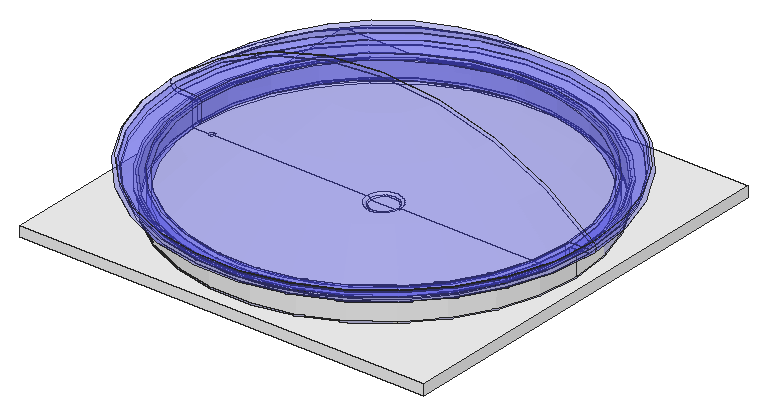
Revit family "BE_50016P_de_DE", category Leuchten, Revit 2020
Family settings
  Basisbauteil = Fläche
  Bemaßung runder Anschluss = Durchmesser verwenden
  Teiletyp = Normal
  Beim Laden mit Abzugskörper schneiden = Ja
  Lichtquelle = Ja
  Gemeinsam genutzt = Nein
  Raumberechnungspunkt = Ja
Parameters (values of type "BEGA_50016P_K3")
  built-in parameter 1150104 = 11.669 (stored number, unit not read)
  Wattage = 43.5 W
  Default Elevation = 0 mm
  built-in parameter 1150113 = 1 (stored number, unit not read)
  built-in parameter 1114218 = 1 (stored number, unit not read)
  Umgebungstemperatur = "25 °C"
  URL = "https://www.bega.com/de/produkt/50016P"
  Typenkommentare = "© 2022 BEGA. Wir behalten uns das Recht vor, technische Änderungen ohne vorherige Ankündigung vorzunehmen."  # constant formula
  built-in parameter 1150134 = (empty or 0)
  built-in parameter 1150109 = 1 (stored number, unit not read)
  Strom = ""
  built-in parameter 1150110 = 1 (stored number, unit not read)
  Spannung = 239.996 V
  Sonderanfertigung = no
  Seriennummer [instance] = "Hier können Sie die eindeutige Seriennummer für das Facility Management eintragen."
  Schutzklasse = "I"
  Schutzart = "IP 20"
  Scheinlast = 0 VA
  Produktdatenblatt = "http://www.bega.de/download/Xrfa/db/50016P.db.de.pdf"
  Oberflächentemperatur = ""
  Neigungswinkel = 0.00°
  Model = "50016PK2"
  Material_17 = BEGA_Reflektor
  Material_15 = BEGA_Leuchtmedium_matt
  Material_14 = BEGA_Kunststoff_opal
  Material_11 = BEGA_Glas_opal
  Material_09 = BEGA_Glas_klar
  Material_06 = BEGA_Oberfläche_Edelstahl_gebürstet
  Material_03 = BEGA_Oberfläche_Weiss_matt
  Material_02 = BEGA_Oberfläche_Silber_matt
  Material_01 [instance] = BEGA_Oberfläche_Grafit_matt
  M_W = no
  M_G = no
  M_A = no
  Logo = 0
  built-in parameter 1114217 = 1 (stored number, unit not read)
  built-in parameter 1150139 = (empty or 0)
  built-in parameter 1150105 = 1581.6 (stored number, unit not read)
  built-in parameter 1150114 = 1 (stored number, unit not read)
  Lumens = 5463.6 lm
  built-in parameter 1150115 = 1 (stored number, unit not read)
  Leuchtenlichtstrom = "4118 lm"
  Leuchtenanzahl = ""
  Lebensdauerkriterien = "L70B50 @ 25 °C = 139000 h"
  Lastklassifizierung = Beleuchtung
  built-in parameter 1150112 = 1 (stored number, unit not read)
  Lampenlichtstrom = "5465 lm"
  Lamp = "LED 43.5 W"
  LED_Modulbezeichnung = "LED-0630/927"
  Hersteller = "BEGA"  # constant formula
  Halbstreuwinkel = ""
  Gewicht = "2.99 kg"
  Gebrauchslageneinschränkung [instance] = ""
  Frequenz = "0/50-60 Hz"
  Farbwiedergabeindex = "CRI > 90"
  Farbtemperaturverschiebung bei Dämpfen der Lampe = <Keine Auswahl>
  Farbtemperatur = "2700 K"
  Color Filter = 16777215
  built-in parameter 1150133 = 10 (stored number, unit not read)
  Energieeffizienzklasse = "LED A++ - A"
  built-in parameter 1150137 = (empty or 0)
  built-in parameter 1150132 = (empty or 0)
  ENEC = "ja"
  Dimmbar [instance] = ""
  Photometric Web File = "BE_50016PK2.IES"
  CE_Konformität = "ja"
  Bestellnummer = "50016PK2"
  Beschreibung_Sonderanfertigung = "Hier können Sie Informationen zur Sonderanfertigung eintragen."
  Beschreibung = "Decken- und Wandleuchte"
  built-in parameter 1150106 = 15.816 (stored number, unit not read)
  Befestigungsbohrung = "Ø 6 mm"
  Befestigungsabstand = "340 mm"
  Ballwurfsicher = ""
  BEGA_Intern_aus = yes
  BEGA_Intern_an = yes
  BEGA_Intern_Konstruktion = yes
  BEGA_Intern = yes
  BEGA_IES = yes
  BEGA_Dummy = no
  Anschlussleitung = ""
  Anschlussleistung [instance] = "48.7 W"
  Anschlusskasten = ""
  built-in parameter 1150107 = 2700 (stored number, unit not read)
  built-in parameter 1150102 = (empty or 0)
  built-in parameter 1150138 = (empty or 0)
  Aktualisierung = "2020-07-14T04:00:13"
  Abstand_zur_angestrahlten_Fläche [instance] = ""
  AC/DC = "AC/DC"
Types (3, lengths in mm): name | built-in parameter 1150104 | built-in parameter 1150134 | Model | built-in parameter 1150105 | Lumens | Leuchtenlichtstrom | Lampenlichtstrom | LED_Modulbezeichnung | Farbtemperatur | Photometric Web File | Bestellnummer | built-in parameter 1150106 | built-in parameter 1150107
  BEGA_50016P_K3 | 11.762 (stored number, unit not read) | (empty or 0) | "50016PK3" | 1594.3 (stored number, unit not read) | 5507.1 lm | "4850 lm" | "6435 lm" | "LED-0630/930" | "3000 K" | "BE_50016PK3.IES" | "50016PK3" | 15.943 (stored number, unit not read) | 3000 (stored number, unit not read)
  BEGA_50016P_K4 | 12.18 (stored number, unit not read) | 12 | "50016PK4" | 1650.8 (stored number, unit not read) | 5702.85 lm | "4850 lm" | "6435 lm" | "LED-0630/930" | "4000 K" | "BE_50016PK4.IES" | "50016PK4" | 16.508 (stored number, unit not read) | 4000 (stored number, unit not read)
  BEGA_50016P_K27 | 12.18 (stored number, unit not read) | 12 | "50016PK27" | 1650.8 (stored number, unit not read) | 5702.85 lm | "4691 lm" | "6225 lm" | "LED-0630/927" | "2700 K" | "BE_50016PK27.IES" | "50016PK27" | 16.508 (stored number, unit not read) | 4000 (stored number, unit not read)
Reference planes
  plane 1 "Mitte (Vorne/Hinten)": y = 0
  plane 2: z = 0
  plane 3 "Mitte (Links/Rechts)": x = 0
  plane 4 "Links": x = -210.263
  plane 5 "Rechts": x = 210.263
  plane 6 "Unten": y = -210.3
  plane 7 "Oben": y = 210.3
  plane 8 "Vorne": z = 117.8
  plane 9 "Hinten": z = 0
Forms (mm)
  Extrusion 1, solid, material "BEGA_Platte_Weiss"
    sketch origin (0, -1119.2, 0) x (1, 0, 0) y (0, 1, 0)
      loop
        line (-200, 1319.2) -> (-200, 919.2) -> (200, 919.2) -> (200, 1319.2) -> (-200, 1319.2)
    from 0 to -10
  Extrusion 2, solid, material "BEGA_Dummy_matt", visible <- "BEGA_Dummy"
    sketch origin (77.149, -76.023, 0) x (1, 0, 0) y (0, 1, 0)
      loop
        circle (-77.149, 76.023) r 210
    from 0 to 117.8
Dimensions and locks
  plane 1 "Mitte (Vorne/Hinten)" to Extrusion 1 = 200 mm
  aligned and locked: plane 2 to Extrusion 1
  aligned and locked: level to Extrusion 1
Nested families
  nested 1: "BE_50016P" at (0, 0, 0) x (0, -1, 0) z (0, 0, 1), type "BE_50016P"
Connectors
  electrical at (0, 0, 0), driven by "Lastklassifizierung", driven by "Spannung", driven by "Scheinlast"
    settings: index 1, voltage 239.996 V, apparent load 0 VA, apparent load phase1 0 VA, apparent load phase2 0 VA, apparent load phase3 0 VA, power factor 1, load classification "Beleuchtung", number of poles 1, system type 31, power factor state 1, is connector primary yes, connector utility no, sub classification motor no, connector description ""
Definition of nested family "BE_50016P"
  Parameters (values of type "BE_50016P")
    Default Elevation = 1 mm
    URL = "http://www.bega.de/de/produkt"
    Type Comments = "© 2015 BEGA. Wir behalten uns das Recht vor, technische Änderungen ohne vorherige Ankündigung vorzunehmen. "  # constant formula
    Type Image = (empty or 0)
    Neigungswinkel_um_Z2 = 0.00°
    Neigungswinkel_um_Z1 = 0.00°
    Neigungswinkel_um_Y2 = 0.00°
    Neigungswinkel_um_Y1 = 0.00°
    Neigungswinkel_um_X2 = 0.00°
    Neigungswinkel_um_X1 = 0.00°
    Material_17 = none
    Material_15 = none
    Material_14 = none
    Material_11 = none
    Material_09 = none
    Material_06 = none
    Material_05 = none
    Material_03 = none
    Material_02 = none
    Material_01 = none
    M_W = yes
    M_G = yes
    M_A = yes
    Länge_Platte = 600 mm  # constant formula
    Höhe_Platte = -10 mm  # constant formula
    Manufacturer = "BEGA"  # constant formula
    Drehwinkel_um_Z2 = 0.00°
    Drehwinkel_um_Z1 = 0.00°
    Breite_Platte = 600 mm  # constant formula
  Reference planes
    plane 1 "Mitte (Oben/Unten)": y = 0
    plane 2: z = 0
    plane 3 "Mitte (Links/Rechts)": x = 0
    plane 4: y = 210.263
    plane 5: z = 117.8
    plane 6: y = -210.263
    plane 7: x = -210.3
    plane 8: x = 210.3
  Forms (mm)
    Extrusion 1, solid, detail levels medium
      sketch origin (0, 0, 0) x (1, 0, 0) y (0, 1, 0)
        loop
          line (-300, 300) -> (-300, -300) -> (300, -300) -> (300, 300) -> (-300, 300)
      from 0 to -10 <- "Höhe_Platte"
    Revolve 2, solid, material <- "Material_03", detail levels medium+fine
      sketch origin (0, 0, 0) x (0, 1, 0) y (0, 0, 1)
        loop
          line (188.667, 3.3) -> (16.416, 3.3)
          arc (16.416, 3.3) -> (15.106, 2.926) -> (14.186, 1.92) r 2.5
          arc (14.186, 1.92) -> (13.635, 1.322) -> (12.852, 1.1) r 1.5
          line (12.852, 1.1) -> (0.002, 1.1) -> (0.002, 0.1) -> (13.084, 0.1)
          arc (13.084, 0.1) -> (14.394, 0.474) -> (15.313, 1.48) r 2.5
          arc (15.313, 1.48) -> (15.866, 2.078) -> (16.65, 2.3) r 1.5
          line (16.65, 2.3) -> (188.667, 2.3)
          arc (188.667, 2.3) -> (190.064, 2.868) -> (190.667, 4.25) r 2
          line (190.667, 4.25) -> (191.038, 25.509)
          arc (191.038, 25.509) -> (191.277, 26.071) -> (191.842, 26.3) r 0.8
          line (191.842, 26.3) -> (194, 26.3) -> (194, 27.3) -> (191.844, 27.3)
          arc (191.844, 27.3) -> (190.578, 26.786) -> (190.038, 25.531) r 1.8
          line (190.038, 25.531) -> (189.667, 4.275)
          arc (189.667, 4.275) -> (189.365, 3.584) -> (188.667, 3.3) r 1
        axis (0, 0.1) -> (0, 27.3)
      angle from 0 to 360
    Extrusion 3, void
      sketch origin (0, 0, 0) x (1, 0, 0) y (0, 1, 0)
        loop
          circle (163, 18) r 8.5
        loop
          circle (0, -170) r 2.75
        loop
          circle (163, -18) r 8.5
        loop
          circle (0, 170) r 2.75
      from 1.096 to 7.205
    Revolve 4, solid, material <- "Material_14", detail levels medium+fine
      sketch origin (0, 0, 0) x (0, 1, 0) y (0, 0, 1)
        loop
          line (0, 117.8) -> (0, 113.8)
          arc (0, 113.8) -> (109.34, 94.281) -> (205.171, 38.134) r 315.999
          arc (205.171, 38.134) -> (206.112, 34.88) -> (203.42, 32.823) r 3
          line (203.42, 32.823) -> (183.692, 31.789)
          arc (183.692, 31.789) -> (181.07, 30.581) -> (180, 27.899) r 3.895
          line (180, 27.899) -> (180, 10.3) -> (184, 10.3) -> (184, 26.851)
          arc (184, 26.851) -> (184.275, 27.539) -> (184.948, 27.85) r 1
          line (184.948, 27.85) -> (203.629, 28.829)
          arc (203.629, 28.829) -> (209.896, 33.581) -> (207.79, 41.158) r 7
          arc (207.79, 41.158) -> (110.737, 98.029) -> (0, 117.8) r 319.999
        axis (0, 117.8) -> (0, 10.3)
      angle from 0 to 360
    Revolve 5, solid, material <- "Material_03", detail levels medium+fine
      sketch origin (87.5, 0, 0) x (0, 1, 0) y (0, 0, 1)
        loop
          line (151.554, 0) -> (151.554, 2.614) -> (145.865, 2.614)
          arc (145.865, 2.614) -> (148.424, 0.685) -> (151.554, 0) r 7.5
        axis (151.554, 0) -> (151.554, 2.614)
      angle from 0 to 360
    Revolve 6, solid, material <- "Material_03", detail levels medium+fine
      sketch origin (-43.752, -75.774, 0) x (0.866025, -0.5, 0) y (0, 0, 1)
        loop
          line (151.554, 0) -> (151.554, 2.614) -> (145.865, 2.614)
          arc (145.865, 2.614) -> (148.424, 0.685) -> (151.554, 0) r 7.5
        axis (151.554, 0) -> (151.554, 2.614)
      angle from 0 to 360
    Revolve 7, solid, material <- "Material_03", detail levels medium+fine
      sketch origin (-43.748, 75.781, 0) x (-0.866025, -0.5, 0) y (0, 0, 1)
        loop
          line (151.554, 0) -> (151.554, 2.614) -> (145.865, 2.614)
          arc (145.865, 2.614) -> (148.424, 0.685) -> (151.554, 0) r 7.5
        axis (151.554, 0) -> (151.554, 2.614)
      angle from 0 to 360
  Cuts and joins
    Extrusion 3 cuts Revolve 2
    joined: Revolve 2, Revolve 5, Revolve 6, Revolve 7
  Dimensions and locks
    equal spacing: Extrusion 1 sketch curve, plane 3 "Mitte (Links/Rechts)", Extrusion 1 sketch curve
    equal spacing: Extrusion 1 sketch curve, plane 1 "Mitte (Oben/Unten)", Extrusion 1 sketch curve
    "Länge_Platte": Extrusion 1 sketch curve to Extrusion 1 sketch curve
    "Breite_Platte": Extrusion 1 sketch curve to Extrusion 1 sketch curve
    aligned and locked: Extrusion 1 to plane 2
    aligned and locked: level to Extrusion 1
  Automatic sketch dimensions
    Revolve 2 sketch curve to Revolve 2 sketch curve = 0 mm  (x11)
    Revolve 2 sketch curve to plane 1 "Mitte (Oben/Unten)" = 0 mm
    Revolve 2 sketch curve to plane 1 "Mitte (Oben/Unten)" = 0.002 mm
    level to Revolve 2 sketch curve = 2.6 mm
    Revolve 2 sketch curve to plane 1 "Mitte (Oben/Unten)" = 12.849 mm
    Revolve 2 sketch curve to Revolve 2 sketch curve = 0.003 mm
    Revolve 2 sketch curve to Revolve 2 sketch curve = 0.229 mm  (x2)
    level to Revolve 2 sketch curve = 0.1 mm
    Revolve 2 sketch curve to Revolve 2 sketch curve = 0.232 mm
    Revolve 2 sketch curve to Revolve 2 sketch curve = 3.338 mm
    level to Revolve 2 sketch curve = 0.8 mm
    Revolve 2 sketch curve to Revolve 2 sketch curve = 0.005 mm
    level to Revolve 2 sketch curve = 4.3 mm
    level to Revolve 2 sketch curve = 4.275 mm
    Revolve 2 sketch curve to Revolve 2 sketch curve = 1 mm  (x6)
    level to Revolve 2 sketch curve = 4.25 mm
    Revolve 2 sketch curve to Revolve 2 sketch curve = 0.8 mm
    Revolve 2 sketch curve to Revolve 2 sketch curve = 0.004 mm
    Revolve 2 sketch curve to Revolve 2 sketch curve = 0.002 mm
    Revolve 2 sketch curve to Revolve 2 sketch curve = 2.156 mm
    Revolve 2 sketch curve to Revolve 2 sketch curve = 21.25 mm
    Revolve 2 sketch curve to Revolve 2 sketch curve = 0.009 mm
    Revolve 2 sketch curve to Revolve 2 sketch curve = 0.025 mm
    Revolve 2 sketch curve to Revolve 2 sketch curve = 6.2 mm
    Revolve 5 sketch curve to Revolve 5 sketch curve = 5.69 mm
    Revolve 5 sketch curve to Revolve 5 sketch curve = 0 mm  (x3)
    Revolve 5 sketch curve to Revolve 5 sketch curve = 1.154 mm
    Revolve 5 sketch curve to Revolve 5 sketch curve = 2.614 mm
    Revolve 6 sketch curve to Revolve 6 sketch curve = 5.69 mm
    Revolve 6 sketch curve to Revolve 6 sketch curve = 0 mm  (x3)
    Revolve 6 sketch curve to Revolve 6 sketch curve = 1.154 mm
    Revolve 6 sketch curve to Revolve 6 sketch curve = 2.614 mm
    Revolve 7 sketch curve to Revolve 7 sketch curve = 5.69 mm
    Revolve 7 sketch curve to Revolve 7 sketch curve = 0 mm  (x3)
    Revolve 7 sketch curve to Revolve 7 sketch curve = 1.154 mm
    Revolve 7 sketch curve to Revolve 7 sketch curve = 2.614 mm
    Revolve 5 sketch curve to level = 0 mm
    Revolve 6 sketch curve to level = 0 mm
    level to Revolve 7 sketch curve = 0 mm
    Extrusion 3 sketch curve to plane 3 "Mitte (Links/Rechts)" = 0 mm  (x2)
    plane 1 "Mitte (Oben/Unten)" to Extrusion 3 sketch curve = 18 mm
    Extrusion 3 sketch curve to plane 1 "Mitte (Oben/Unten)" = 18 mm
    Revolve 4 sketch curve to Revolve 4 sketch curve = 0 mm  (x9)
    Revolve 4 sketch curve to plane 1 "Mitte (Oben/Unten)" = 0 mm  (x2)
    plane 1 "Mitte (Oben/Unten)" to Revolve 4 sketch curve = 0 mm
    Revolve 4 sketch curve to plane 1 "Mitte (Oben/Unten)" = 0.001 mm
    Revolve 4 sketch curve to Revolve 4 sketch curve = 3.692 mm
    Revolve 4 sketch curve to Revolve 4 sketch curve = 0.204 mm
    Revolve 4 sketch curve to Revolve 4 sketch curve = 4 mm  (x2)
    Revolve 4 sketch curve to Revolve 4 sketch curve = 1 mm
    Revolve 4 sketch curve to Revolve 4 sketch curve = 19.572 mm
    Revolve 4 sketch curve to level = 202.199 mm
    Revolve 4 sketch curve to Revolve 4 sketch curve = 0.001 mm
    level to Revolve 4 sketch curve = 10.3 mm
    Revolve 4 sketch curve to Revolve 4 sketch curve = 16.551 mm
    Revolve 4 sketch curve to Revolve 4 sketch curve = 1.048 mm
    Revolve 4 sketch curve to Revolve 4 sketch curve = 4.03 mm
    Revolve 4 sketch curve to Revolve 4 sketch curve = 0.052 mm
    Revolve 4 sketch curve to Revolve 4 sketch curve = 0.157 mm
    Revolve 4 sketch curve to Revolve 4 sketch curve = 0.209 mm
    Revolve 4 sketch curve to Revolve 4 sketch curve = 1.908 mm
    Revolve 4 sketch curve to Revolve 4 sketch curve = 2.619 mm
    Revolve 2 sketch curve to Revolve 2 sketch curve = 172.018 mm
    Revolve 2 sketch curve to Revolve 2 sketch curve = 0.371 mm
    Extrusion 3 sketch curve to plane 1 "Mitte (Oben/Unten)" = 170 mm
    Revolve 4 sketch curve to plane 1 "Mitte (Oben/Unten)" = 180 mm
    Revolve 5 sketch curve to plane 1 "Mitte (Oben/Unten)" = 145.865 mm
    plane 1 "Mitte (Oben/Unten)" to Extrusion 3 sketch curve = 170 mm
    level to Revolve 4 sketch curve = 113.8 mm
    Revolve 4 sketch curve to Revolve 4 sketch curve = 45.47 mm
    plane 3 "Mitte (Links/Rechts)" to Extrusion 3 sketch curve = 163 mm
    Extrusion 3 sketch curve to Extrusion 3 sketch curve = 0 mm
    radius of Extrusion 3 sketch curve = 8.5 mm  (x2)
    radius of Extrusion 3 sketch curve = 2.75 mm  (x2)
